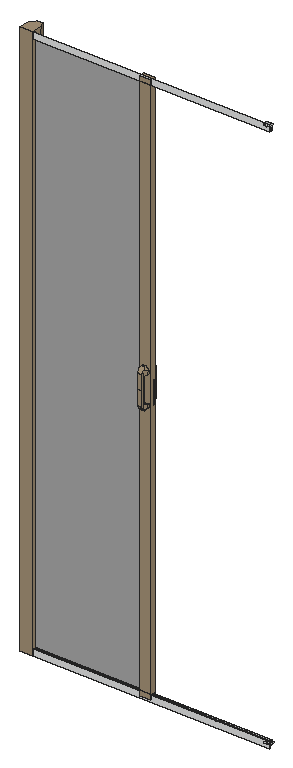
Revit family "Screen_Door_LegacySeries_PhantomScreen", category Doors, host Wall, Revit 2015
Parameters (values of type "Type as Specified")
  URL = "http://www.phantomscreens.com/"
  Track Height = 0' - 0.931"
  Track Depth = 0' - 0.511"
  Specification = "http://www.phantomscreens.com/architects-designers/specifications-binder/"
  Slide Bar Width = 0' - 1.732"
  Slide Bar Depth = 0' - 0.866"
  Slide Bar = Dark Knotty Pine
  Sill Height = 0' - 1"
  Sill Depth = 0' - 1.54384"
  Sill [instance] = no
  Screen Thickness = 0' - 0 1/32"
  Screen = Phifer 20/20 Insect Mesh – Gray
  Sales Information = "http://www.phantomscreens.com/support/"
  Revision = "R1_08-2016"
  Product Properties = "http://www.phantomscreens.com/drive/uploads/2015/03/Legacy-Door-Design-Spec-Assembled-View.pdf"
  Product Data = "http://www.arcat.com/arcatcos/cos9540/arc40535.html"
  Percent Open [instance] = 50
  Model = "Legacy Series"
  Manufacturer Website = "http://www.phantomscreens.com/"
  Manufacturer Phone - Toll Free = ""
  Manufacturer Phone = "604-855-3654"
  Manufacturer Fax = "604-855-7834"
  Manufacturer Address = "30451 Simpson Rd.; Abbotsford; BC; Canada V2T 6C7"
  Manufacturer = "Phantom Screens"
  Keynote = "08 11 00"
  Installation-Fabrication = "http://www.phantomscreens.com/architects-designers/options/"
  Housing Width = 0' - 1 7/8"
  Housing Depth = 0' - 2 49/64"
  Handle Width = 0' - 1.266"
  Handle Height = 0' - 6.031"
  Handle Depth = 0' - 0 109/128"
  Function = Interior
  Height [instance] = 7' - 0"
  Wall Closure = By host
  Width [instance] = 3' - 0"
  Drawn By = "Sumex Design - Robert S Weygant"
  Door Opening [instance] = Width * (Percent Open / 100)  # 1' - 6"
  Description = "Phantom Screens Legacy Series Screen"
  Copyright = "� 2016 ARCAT Inc."
  Construction Details = "http://www.arcat.com/details/phantoms/95prod3445.html"
  Assembly Code = "B2020400"
  Aluminum Track = Aluminum - Flat
  Aluminum Housing = Dark Knotty Pine
Reference planes (in)
  plane 1 "Center (Front/Back)": y = 0
  plane 2 "Center (Left/Right)": x = -7.25
  plane 3 "Top": z = 84
  plane 4 "Exterior": y = 2.96884
  plane 5 "Interior": y = -3.03116
  plane 6: x = -27.125
  plane 7: z = 84.931
  plane 8: z = 0.931
  plane 9: y = 3.47984
  plane 10: y = 3.83484
  plane 11: y = 3.44859
  plane 12: x = -8.982
  plane 13 "Track Bar": x = -7.25
  plane 14: x = -25.25
  plane 15: y = 3.41734
  plane 16: y = 4.71756
  plane 17: x = 10.75
  plane 18: z = 1
  plane 19: y = 3.29405
  plane 20: y = 1.425
  plane 21: z = 42.5
  plane 22: z = 45.5155
  plane 23: z = 39.4845
  plane 24 "Handle Placement": x = -8.24596
  plane 25: x = 9.96875
  plane 26: y = 3.55502
  plane 27: y = 2.96884
  plane 28: y = 3.375
  plane 29: y = 5.48446
Forms (in)
  Extrusion 1, solid, material "Dark Knotty Pine" <- "Aluminum Housing"
    sketch origin (0, 0, 0) x (1, 0, 0) y (0, 1, 0)
      loop
        line (-27.125, 2.96884) -> (-25.25, 2.96884) -> (-25.25, 4.6231) -> (-25.74731, 5.48446) -> (-26.1875, 5.48446) -> (-26.66701, 5.48446) -> (-27.125, 4.6231) -> (-27.125, 2.96884)
    from 0 to 84.931
  Extrusion 2, solid, material "Dark Knotty Pine" <- "Slide Bar"
    sketch origin (0, 0, 0) x (1, 0, 0) y (0, 1, 0)
      loop
        line (-8.982, 3.83484) -> (-8.982, 2.96884) -> (-7.25, 2.96884) -> (-7.25, 3.64791) -> (-7.47277, 3.83484) -> (-8.982, 3.83484)
    from 1 to 84
  Extrusion 3, solid, material "Phifer 20/20 Insect Mesh – Gray" <- "Screen"
    sketch origin (0, 0, 0) x (1, 0, 0) y (0, 1, 0)
      loop
        line (-25.25, 3.44859) -> (-25.25, 3.41734) -> (-8.982, 3.41734) -> (-8.982, 3.44859) -> (-25.25, 3.44859)
    from 0.931 to 84
  Extrusion 4, solid, material "Aluminum - Flat" <- "Aluminum Track", visible <- "Sill"
    sketch origin (-7.25, 0, 0) x (0, 1, 0) y (0, 0, 1)
      loop
        line (1.44844, 1) -> (1.44844, 0.931) -> (2.91584, 0.86535) -> (2.91584, 0) -> (3.44078, 0) -> (3.44078, 0.08471) -> (2.99228, 0.08471) -> (2.99228, 0.931) -> (1.44844, 1)
    from -18 to 18
  Extrusion 5, solid, material "Aluminum - Flat"
    sketch origin (-7.25, 0, 0) x (0, 1, 0) y (0, 0, 1)
      loop
        line (3.47984, 84) -> (3.47984, 84.6095) -> (3.09384, 84.6095) -> (3.09384, 84.931) -> (2.96884, 84.931) -> (2.96884, 84) -> (3.09384, 84) -> (3.09384, 84.488) -> (3.35484, 84.488) -> (3.35484, 84) -> (3.47984, 84)
    from -18 to 18
  Extrusion 6, solid, material "Aluminum - Flat"
    sketch origin (-7.25, 0, 0) x (0, 1, 0) y (0, 0, 1)
      loop
        line (3.47984, 0.931) -> (3.35484, 0.931) -> (3.35484, 0.4365) -> (3.09384, 0.4365) -> (3.09384, 0.931) -> (2.96884, 0.931) -> (2.96884, 0) -> (3.09384, 0) -> (3.09384, 0.315) -> (3.47984, 0.315) -> (3.47984, 0.931)
    from -18 to 18
Text (in)
  text "Exterior" at (-62.02911, 27.31104, 0), in view "Ref. Level"
  text "Interior" at (-62.02911, -25.14366, 0), in view "Ref. Level"
  text "Exterior" at (0, 40.15149, 123.01588), in view "Right"
  text "Interior" at (0, -64.39139, 123.01588), in view "Right"
  text "Interior" at (0, -31.01599, 123.00693), in view "Left"
  text "Exterior" at (0, 54.57065, 123.00693), in view "Left"
Dimensions and locks (in)
  "Height": level to plane 3 "Top"
  "Track Height": plane 3 "Top" to plane 7
  "Track Height": level to plane 8
  "Track Depth": plane 9 to plane 4 "Exterior"
  "Slide Bar Depth": plane 10 to plane 4 "Exterior"
  "Screen Thickness": plane 9 to plane 11
  "Slide Bar Width": plane 12 to plane 13 "Track Bar"
  equal spacing: plane 14, plane 2 "Center (Left/Right)", plane 17
  "Screen Thickness": plane 15 to plane 11
  "Width": plane 14 to plane 17
  "Housing Width": plane 6 to plane 14
  "Door Opening": plane 13 "Track Bar" to plane 17
  "Sill Height": level to plane 18
  "Sill Depth": plane 4 "Exterior" to plane 20
  equal spacing: plane 22, plane 21, plane 23
  "Handle Height": plane 23 to plane 22
  locked: plane 13 "Track Bar" to plane 24 "Handle Placement" at 0.99596
  locked: plane 26 to plane 19 at 0.26097
  locked: plane 29 to host wall at 5.51563
  aligned and locked: plane 4 "Exterior" to host wall
  aligned and locked: plane 5 "Interior" to host wall
  aligned and locked: plane 6 to Extrusion 1 sketch curve
  aligned and locked: Extrusion 1 to level
  aligned and locked: Extrusion 1 to plane 7
  aligned and locked: plane 7 to Extrusion 1
  aligned and locked: plane 10 to Extrusion 2 sketch curve
  aligned and locked: plane 12 to Extrusion 2 sketch curve
  aligned and locked: Extrusion 2 sketch curve to plane 4 "Exterior"
  aligned and locked: Extrusion 2 sketch curve to plane 13 "Track Bar"
  aligned and locked: Extrusion 2 to plane 3 "Top"
  aligned and locked: plane 11 to Extrusion 3 sketch curve
  aligned and locked: Extrusion 3 sketch curve to plane 14
  aligned and locked: plane 15 to Extrusion 3 sketch curve
  aligned and locked: Extrusion 3 sketch curve to plane 12
  aligned and locked: Extrusion 3 to plane 3 "Top"
  aligned and locked: Extrusion 1 sketch curve to plane 4 "Exterior"
  aligned and locked: plane 18 to Extrusion 2
  aligned and locked: plane 24 "Handle Placement" to nested 1
  aligned and locked: Extrusion 2 to plane 10
  aligned and locked: nested 2 to plane 24 "Handle Placement"
  aligned and locked: nested 2 to Extrusion 2
  aligned and locked: nested 1 to plane 22
  aligned and locked: nested 2 to plane 23
  aligned and locked: plane 10 to nested 1
  aligned and locked: plane 3 "Top" to Extrusion 5 sketch curve
  aligned and locked: Extrusion 5 sketch curve to plane 7
  aligned and locked: plane 8 to Extrusion 6 sketch curve  (x2)
  aligned and locked: Extrusion 6 sketch curve to Extrusion 1
  aligned and locked: Extrusion 6 to plane 17
  aligned and locked: Extrusion 5 to plane 17
  aligned and locked: plane 14 to Extrusion 5
  aligned and locked: plane 14 to Extrusion 6
  aligned and locked: Extrusion 4 to plane 17
  aligned and locked: plane 14 to Extrusion 4
  aligned and locked: plane 27 to host wall
  aligned and locked: plane 4 "Exterior" to nested 4
  aligned and locked: nested 4 to Extrusion 6
  aligned and locked: nested 5 to plane 12
  aligned and locked: nested 5 to plane 13 "Track Bar"
  aligned and locked: plane 3 "Top" to nested 5
  aligned and locked: Extrusion 2 to plane 12
  aligned and locked: plane 13 "Track Bar" to Extrusion 2
  aligned and locked: nested 6 to Extrusion 2
  aligned and locked: nested 6 to plane 12
  aligned and locked: nested 6 to plane 10
  aligned and locked: plane 4 "Exterior" to nested 6
  aligned and locked: nested 5 to plane 10
  aligned and locked: plane 4 "Exterior" to nested 5
  aligned and locked: plane 4 "Exterior" to nested 3
  aligned and locked: plane 29 to Extrusion 1  (x2)
Automatic sketch dimensions
  Extrusion 2 sketch curve to plane 9 = 0' - 0.16807"
  Extrusion 2 sketch curve to Extrusion 2 sketch curve = 0' - 0.22277"
  plane 8 to Extrusion 4 sketch curve = 0' - 0"  (x2)
  plane 18 to Extrusion 4 sketch curve = 0' - 0"
  Extrusion 4 sketch curve to level = 0' - 0"
  plane 20 to Extrusion 4 sketch curve = 0' - 0 3/128"
  Extrusion 4 sketch curve to host wall = 0' - 0.053"
  host wall to Extrusion 4 sketch curve = 0' - 0 3/128"
  plane 11 to Extrusion 4 sketch curve = 0' - 0 1/128"
  level to Extrusion 4 sketch curve = 0' - 0.08471"
  plane 8 to Extrusion 4 sketch curve = 0' - 0.06565"
  Extrusion 5 sketch curve to Extrusion 5 sketch curve = 0' - 0 1/8"
  Extrusion 5 sketch curve to Extrusion 5 sketch curve = 0' - 0.1215"
  Extrusion 5 sketch curve to Extrusion 5 sketch curve = 0' - 0.3215"
  Extrusion 5 sketch curve to plane 9 = 0' - 0"
  Extrusion 5 sketch curve to plane 15 = 0' - 0 1/16"
  Extrusion 5 sketch curve to host wall = 0' - 0"
  Extrusion 5 sketch curve to Extrusion 5 sketch curve = 0' - 0"
  Extrusion 6 sketch curve to host wall = 0' - 0"
  Extrusion 6 sketch curve to plane 9 = 0' - 0"
  host wall to Extrusion 6 sketch curve = 0' - 0 1/8"
  Extrusion 6 sketch curve to Extrusion 6 sketch curve = 0' - 0"
  Extrusion 6 sketch curve to plane 15 = 0' - 0 1/16"
  level to Extrusion 6 sketch curve = 0' - 0.315"
  Extrusion 6 sketch curve to Extrusion 6 sketch curve = 0' - 0.1215"
  plane 3 "Top" to Extrusion 5 sketch curve = 0' - 0"
  Extrusion 1 sketch curve to plane 14 = 0' - 0"
  plane 6 to Extrusion 1 sketch curve = 0' - 0 15/16"
  plane 16 to Extrusion 1 sketch curve = 0' - 0.09446"  (x2)
  plane 6 to Extrusion 1 sketch curve = 0' - 0.45799"
  Extrusion 1 sketch curve to Extrusion 1 sketch curve = 0' - 0.44019"
  Extrusion 1 sketch curve to plane 29 = 0' - 0"
Nested families (in)
  nested 1: "Family4" at (-8.24596, 4.26062, 42.5) x (-1, 0, 0) z (0, 0, 1), type "Family4"
    with Width 0' - 1.266", Height 0' - 6.031", Depth 0' - 0 109/128"
  nested 2: "Family4" at (-8.24596, 2.54306, 42.5), type "Family4"
    with Width 0' - 1.266", Height 0' - 6.031", Depth 0' - 0 109/128"
  nested 3: "Track Latch Family" at (10.35937, 3.34384, 84.55481) x (-1, 0, 0) z (0, 0, 1), type "Track Latch Family"
  nested 4: "Lower Track Latch" at (10.35937, 3.33538, 0.4365) x (-1, 0, 0) z (0, 0, 1), type "Lower Track Latch"
  nested 5: "End Caps" at (-8.21484, 3.14023, 84), type "End Caps"
  nested 6: "End Caps" at (-8.21484, 3.14023, 0.25), type "End Caps"
Definition of nested family "Family4"
  Parameters
    Width = 0' - 1 1/2"
    Height = 0' - 6 1/32"
    Handle = none
    Depth = 0' - 1"
  Reference planes (in)
    plane 1 "Center (Front/Back)": y = 0
    plane 2: z = 0
    plane 3 "Center (Left/Right)": x = 0
    plane 4: y = 0.5
    plane 5: x = 0.75
    plane 6: y = -0.5
    plane 7: x = -0.75
    plane 8: z = 3.01562
    plane 9: z = -3.01563
  Forms (in)
    Extrusion 1, solid, material <- "Handle"
      sketch origin (0, 0, 0) x (0, 1, 0) y (0, 0, 1)
        loop
          line (0.5, 3.01562) -> (0.25, 3.01562) -> (-0.5, 2.26562) -> (-0.5, 0) -> (-0.5, -2.26563) -> (0.25, -3.01563) -> (0.5, -3.01563) -> (0.5, -2.01563) -> (0, -2.01563) -> (-0.17678, -1.83885) -> (-0.17678, 0) -> (-0.17678, 1.83885) -> (0, 2.01562) -> (0.5, 2.01562) -> (0.5, 3.01562)
      from -0.75 to 0.75
    Extrusion 2, void
      sketch origin (0, 0, 0) x (1, 0, 0) y (0, 1, 0)
        loop
          line (-0.75, 0.25) -> (-0.75, -0.5) -> (-0.32322, -0.5) -> (-0.32322, -0.25861) -> (-0.75, 0.25)
        loop
          line (0.32322, -0.25861) -> (0.32322, -0.5) -> (0.75, -0.5) -> (0.75, 0.25) -> (0.32322, -0.25861)
      from -3.01562 to 3.01562
    Extrusion 3, void
      sketch origin (0, 0, 0) x (1, 0, 0) y (0, 0, 1)
        loop
          line (-0.75, 2.51562) -> (-0.25, 3.01562) -> (-0.75, 3.01562) -> (-0.75, 2.51562)
        loop
          line (0.75, 2.51563) -> (0.75, 3.01563) -> (0.25, 3.01563) -> (0.75, 2.51563)
        loop
          line (-0.75, -2.51563) -> (-0.75, -3.01563) -> (-0.25, -3.01563) -> (-0.75, -2.51563)
        loop
          line (0.75, -2.51563) -> (0.25, -3.01563) -> (0.75, -3.01563) -> (0.75, -2.51563)
      from -0.5 to 0.5
  Cuts and joins
    Extrusion 2, Extrusion 3 cuts Extrusion 1
  Dimensions and locks (in)
    equal spacing: plane 7, plane 3 "Center (Left/Right)", plane 5
    equal spacing: plane 6, plane 1 "Center (Front/Back)", plane 4
    "Depth": plane 6 to plane 4
    "Width": plane 7 to plane 5
    equal spacing: plane 8, level, plane 9
    "Height": plane 8 to plane 9
    plane 1 "Center (Front/Back)" to Extrusion 1 = 0' - 0 1/2"
    aligned and locked: plane 2 to level
    aligned and locked: plane 7 to Extrusion 1
    aligned and locked: plane 5 to Extrusion 1
    aligned and locked: Extrusion 2 sketch curve to plane 6
    aligned and locked: plane 6 to Extrusion 2 sketch curve
    aligned and locked: plane 5 to Extrusion 2 sketch curve
    aligned and locked: Extrusion 2 sketch curve to plane 7
    aligned and locked: Extrusion 2 to plane 9
    aligned and locked: plane 8 to Extrusion 2
    aligned and locked: plane 4 to Extrusion 3
    aligned and locked: plane 6 to Extrusion 3
  Automatic sketch dimensions
    Extrusion 1 sketch curve to level = 0' - 0"  (x2)
    Extrusion 1 sketch curve to plane 1 "Center (Front/Back)" = 0' - 0"  (x2)
    Extrusion 1 sketch curve to plane 8 = 0' - 0"
    Extrusion 1 sketch curve to plane 4 = 0' - 0"  (x2)
    plane 1 "Center (Front/Back)" to Extrusion 1 sketch curve = 0' - 0.17678"
    Extrusion 1 sketch curve to Extrusion 1 sketch curve = 0' - 0 1/4"
    Extrusion 1 sketch curve to Extrusion 1 sketch curve = 0' - 1"
    Extrusion 1 sketch curve to Extrusion 1 sketch curve = 0' - 0.17678"  (x2)
    Extrusion 1 sketch curve to plane 8 = 0' - 1.17678"
    Extrusion 1 sketch curve to Extrusion 1 sketch curve = 0' - 0.42678"
    Extrusion 1 sketch curve to plane 9 = 0' - 0"
    Extrusion 1 sketch curve to plane 1 "Center (Front/Back)" = 0' - 0 1/4"
    plane 9 to Extrusion 1 sketch curve = 0' - 0 3/4"
    Extrusion 1 sketch curve to plane 6 = 0' - 0"
    Extrusion 2 sketch curve to plane 3 "Center (Left/Right)" = 0' - 0.32322"
    plane 3 "Center (Left/Right)" to Extrusion 2 sketch curve = 0' - 0.32322"
    plane 1 "Center (Front/Back)" to Extrusion 2 sketch curve = 0' - 0.25861"
    Extrusion 2 sketch curve to plane 1 "Center (Front/Back)" = 0' - 0 1/4"  (x2)
    Extrusion 2 sketch curve to Extrusion 2 sketch curve = 0' - 0.24139"
    plane 7 to Extrusion 3 sketch curve = 0' - 0"  (x2)
    Extrusion 3 sketch curve to plane 8 = 0' - 0"  (x2)
    Extrusion 3 sketch curve to plane 9 = 0' - 0"  (x2)
    Extrusion 3 sketch curve to plane 5 = 0' - 0"  (x2)
    Extrusion 3 sketch curve to plane 3 "Center (Left/Right)" = 0' - 0 1/4"  (x2)
    plane 3 "Center (Left/Right)" to Extrusion 3 sketch curve = 0' - 0 1/4"  (x2)
    plane 9 to Extrusion 3 sketch curve = 0' - 0 1/2"
    Extrusion 3 sketch curve to Extrusion 3 sketch curve = 0' - 0 1/2"
    Extrusion 3 sketch curve to plane 8 = 0' - 0 1/2"  (x2)
Definition of nested family "Track Latch Family"
  Parameters
    Width = 0' - 0 25/32"
    Upper Latch = none
  Reference planes (in)
    plane 1 "Center (Front/Back)": y = 0
    plane 2: z = 0
    plane 3 "Center (Left/Right)": x = 0
    plane 4: z = 0.34375
    plane 5: x = 0.39063
    plane 6: x = -0.39062
    plane 7: y = 0.375
    plane 8: y = -0.375
  Forms (in)
    Extrusion 1, solid, material <- "Upper Latch"
      sketch origin (0, 0, 0.05469) x (1, 0, 0) y (0, 0, 1)
        loop
          line (-0.39062, 0.28906) -> (-0.39062, 0) -> (0.01899, 0) -> (0.01899, -0.0619) -> (0.39063, 0) -> (0.39063, 0.28906) -> (-0.39062, 0.28906)
      from -0.375 to 0.375
    Extrusion 2, void
      sketch origin (0, 0, 0) x (0, 1, 0) y (0, 0, 1)
        loop
          arc (-0.375, 0.09707) -> (-0.2114, 0.25673) -> (0, 0.34375) r 0.60095
          line (0, 0.34375) -> (-0.375, 0.34375) -> (-0.375, 0.09707)
      from -0.39062 to 0.39062
    Extrusion 3, void
      sketch origin (0, 0, 0) x (1, 0, 0) y (0, 0, 1)
        loop
          line (-0.32812, 0.34375) -> (-0.32812, 0.13527) -> (-0.07812, 0.13527) -> (-0.07812, 0.34375) -> (-0.32812, 0.34375)
        loop
          line (0.0373, 0.34375) -> (0.0373, 0.13527) -> (0.28915, 0.13527) -> (0.28915, 0.34375) -> (0.0373, 0.34375)
      from -0.28879 to 0.375
  Cuts and joins
    Extrusion 2, Extrusion 3 cuts Extrusion 1
  Dimensions and locks (in)
    equal spacing: plane 5, plane 3 "Center (Left/Right)", plane 6
    "Width": plane 5 to plane 6
    equal spacing: plane 7, plane 1 "Center (Front/Back)", plane 8
    plane 7 to plane 8 = 0' - 0 3/4"
    aligned and locked: plane 2 to level
    aligned and locked: plane 7 to Extrusion 1
    aligned and locked: Extrusion 1 to plane 8
    aligned and locked: Extrusion 2 to plane 6
    aligned and locked: plane 5 to Extrusion 2
    aligned and locked: Extrusion 1 to Extrusion 3
  Automatic sketch dimensions
    Extrusion 1 sketch curve to plane 6 = 0' - 0"
    level to Extrusion 1 sketch curve = 0' - 0 7/128"  (x2)
    Extrusion 1 sketch curve to plane 5 = 0' - 0"
    plane 3 "Center (Left/Right)" to Extrusion 1 sketch curve = 0' - 0.01899"
    plane 4 to Extrusion 1 sketch curve = 0' - 0"
    Extrusion 1 sketch curve to level = 0' - 0.00721"
    Extrusion 2 sketch curve to plane 8 = 0' - 0"
    Extrusion 2 sketch curve to plane 1 "Center (Front/Back)" = 0' - 0"
    Extrusion 2 sketch curve to plane 4 = 0' - 0"
    Extrusion 2 sketch curve to plane 1 "Center (Front/Back)" = 0' - 0.11887"
    level to Extrusion 2 sketch curve = 0' - 0.09707"
    Extrusion 3 sketch curve to plane 4 = 0' - 0"  (x2)
    plane 6 to Extrusion 3 sketch curve = 0' - 0 1/16"
    Extrusion 3 sketch curve to plane 3 "Center (Left/Right)" = 0' - 0 5/64"
    plane 3 "Center (Left/Right)" to Extrusion 3 sketch curve = 0' - 0.0373"
    Extrusion 3 sketch curve to plane 5 = 0' - 0.10148"
    level to Extrusion 3 sketch curve = 0' - 0.13527"
    Extrusion 3 sketch curve to Extrusion 3 sketch curve = 0' - 0"
Definition of nested family "Lower Track Latch"
  Parameters
    Lower Latch = none
  Reference planes (in)
    plane 1 "Center (Front/Back)": y = 0
    plane 2: z = 0
    plane 3 "Center (Left/Right)": x = 0
    plane 4: z = 0.31094
    plane 5: x = -0.42075
    plane 6: x = 0.43863
    plane 7: y = -0.36654
    plane 8: y = 0.36654
  Forms (in)
    Extrusion 1, solid, material <- "Lower Latch"
      sketch origin (0, 0, 0) x (1, 0, 0) y (0, 0, 1)
        loop
          line (-0.42075, 0) -> (0.43863, 0) -> (0.43863, 0.12882) -> (0, 0.31094) -> (0, 0.12882) -> (-0.42075, 0.12882) -> (-0.42075, 0)
      from -0.36654 to 0.36654
  Dimensions and locks (in)
    plane 6 to plane 5 = 0' - 0 55/64"
    plane 6 to plane 3 "Center (Left/Right)" to plane 5 = 0' - 0.43863", 0' - 0.42075"
    plane 8 to plane 7 = 0' - 0.73308"
    equal spacing: plane 8, plane 1 "Center (Front/Back)", plane 7
    aligned and locked: plane 2 to level
    aligned and locked: Extrusion 1 to plane 3 "Center (Left/Right)"
    aligned and locked: Extrusion 1 to plane 5
    aligned and locked: plane 6 to Extrusion 1
    aligned and locked: Extrusion 1 to level
    aligned and locked: Extrusion 1 to plane 8
    aligned and locked: plane 7 to Extrusion 1
  Automatic sketch dimensions
    Extrusion 1 sketch curve to plane 5 = 0' - 0"
    Extrusion 1 sketch curve to plane 3 "Center (Left/Right)" = 0' - 0"
    Extrusion 1 sketch curve to plane 6 = 0' - 0"
    Extrusion 1 sketch curve to level = 0' - 0"
    Extrusion 1 sketch curve to plane 4 = 0' - 0"
    level to Extrusion 1 sketch curve = 0' - 0.12882"  (x2)
Definition of nested family "End Caps"
  Parameters
    End Caps = none
  Reference planes (in)
    plane 1 "Center (Front/Back)": y = 0
    plane 2: z = 0
    plane 3 "Center (Left/Right)": x = 0
    plane 4: y = 0.6946
    plane 5: x = 0.96484
    plane 6: y = -0.1714
    plane 7: x = -0.76716
    plane 8: z = 0.75
  Forms (in)
    Extrusion 1, solid, material <- "End Caps"
      sketch origin (0, 0, 0) x (1, 0, 0) y (0, 1, 0)
        loop
          line (-0.76716, 0.6946) -> (-0.76716, -0.1714) -> (0.96484, -0.1714) -> (0.96484, 0.47651) -> (0.70493, 0.6946) -> (-0.76716, 0.6946)
      from 0 to 0.75
  Lines and regions (in)
    model lines
      curve 1: line (-0.76716, 0.6946, 0) -> (0.70493, 0.6946, 0)
      curve 2: line (-0.76716, -0.1714, 0) -> (-0.76716, 0.6946, 0)
      curve 3: line (0.96484, -0.1714, 0) -> (-0.76716, -0.1714, 0)
      curve 4: line (0.96484, 0.47651, 0) -> (0.96484, -0.1714, 0)
      curve 5: line (0.96484, 0.47651, 0) -> (0.70493, 0.6946, 0)
  Dimensions and locks (in)
    aligned and locked: plane 2 to level
    aligned and locked: plane 8 to Extrusion 1
